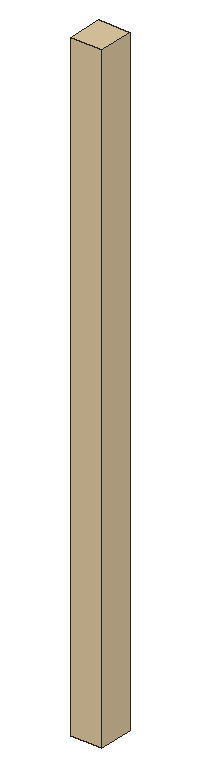
Revit family "Glulam (1)", category 구조 기둥, Revit 2026
Family settings
  단면 모양 = 정의되지 않음
  모델 동작 재료 = 목재
  항상 형상으로 내보내기 = 아니오
  평면의 보 전환 = 경계 상자에서
  로드될 때 보이드를 사용하여 절단 = 아니오
  기호 표현 = 프로젝트 설정에서
  공유 = 아니오
  평면도에서 미리 절단된 패밀리 표시 = 예
Parameters (values of type "127 x 140")
  Structural Material [instance] = Wood - Dimensional Lumber
  b = 127 mm
  d = 140 mm
  키노트 = "G20/330"
Types (3, lengths in mm): name | b
  (no name) | 127
  76 x 140 | 76
  127 x 140 | 127
Reference planes
  plane 1 "Center (Front/Back)": y = 0
  plane 2: z = 0
  plane 3 "Center (Left/Right)": x = 0
  plane 4: x = -63.5
  plane 5: x = 63.5
  plane 6: y = 70
  plane 7: y = -70
Forms (mm)
  Extrusion 1, solid, material "Wood - Dimensional Lumber" <- "Structural Material", detail levels medium+fine
    sketch origin (0, 0, 0) x (1, 0, 0) y (0, 1, 0)
      loop
        line (-63.5, 70) -> (-63.5, -70) -> (63.5, -70) -> (63.5, 70) -> (-63.5, 70)
    from 0 to 2500
Lines and regions (mm)
  symbolic lines, style "StructuralColumnStickSymbols", detail levels coarse
    curve 1: line (-63.5, 70, 0) -> (63.5, 70, 0)
    curve 2: line (-63.5, -70, 0) -> (63.5, -70, 0)
    curve 3: line (-63.5, 70, 0) -> (-63.5, -70, 0)
    curve 4: line (63.5, 70, 0) -> (63.5, -70, 0)
Dimensions and locks
  equal spacing: plane 4, plane 3 "Center (Left/Right)", plane 5
  equal spacing: plane 7, plane 1 "Center (Front/Back)", plane 6
  "d": plane 7 to plane 6
  "b": plane 4 to plane 5
  aligned and locked: plane 6 to Extrusion 1 sketch curve
  aligned and locked: Extrusion 1 sketch curve to plane 7
  aligned and locked: Extrusion 1 sketch curve to plane 4
  aligned and locked: plane 5 to Extrusion 1 sketch curve
  aligned and locked: level to Extrusion 1
  aligned and locked: level to plane 2
  aligned and locked: Extrusion 1 to plane 2
Automatic sketch dimensions
  curve 3 to plane 4 = 0 mm
  curve 4 to plane 5 = 0 mm
  curve 3 to plane 7 = 0 mm
  curve 3 to plane 6 = 0 mm
